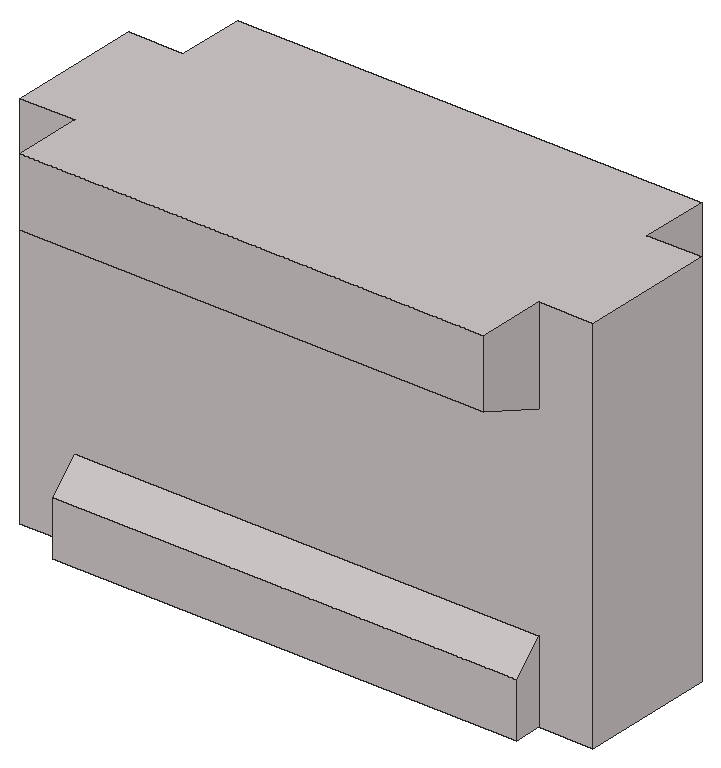
Revit family "66b3de7a79414cddb3e46e91ae545662", category Structural Framing, Revit 2021
Family settings
  Display in Hidden Views = Edges Hidden by Other Members
  Structural Framing Length Roundoff = 0' - 0"
  Section Shape = Not Defined
  Material for Model Behavior = Precast Concrete
  Always export as geometry = No
  OmniClass Number = 23.25.30.11.14.14
  OmniClass Title = Beams
  Seek Item ID = Precast-Girder I-Parallel-Constant Cross Section-0000-USA-ENU
  Always vertical = Yes
  Cut with Voids When Loaded = No
  Symbolic Representation = From Family
  Shared = No
  Show family pre-cut in plan views = Yes
Parameters (values of type "28"x10"")
  Tie Rod Weight [instance] = 30
  Tie Rod W [instance] = (Tie Rod Weight) * 2.20313 kip / 1000  # 0.0660938 kip
  Structural Material [instance] = Concrete, Precast
  Single Rebar Weight [instance] = 50
  Single Rebar W [instance] = (Single Rebar Weight * 2.20313 kip) / 1000  # 0.110156 kip
  Rebar Grids Weight [instance] = 100
  Rebar Grids W [instance] = (Rebar Grids Weight * 2.20313 kip) / 1000  # 0.220313 kip
  Length 1 = 0' - 4"
  D6 = 0' - 2"
  D5 = 0' - 4"
  D4 = 0' - 2"
  D3 = 0' - 5"
  B3 = 1' - 2"
  B1 = 0' - 10"
  Assembly Code = "B10"
  Length [instance] = 5' - 0"
  B2 = 1' - 8"
  D1 = 2' - 4"
Types (3): name | Length 1 | D6 | B3 | B1 | D1
  (no name) | 0' - 4" | 0' - 2" | 1' - 2" | 0' - 10" | 2' - 4"
  28"x10" | 0' - 4" | 0' - 2" | 1' - 2" | 0' - 10" | 2' - 4"
  36"x8" | 0' - 6" | 0' - 1 1/4" | 1' - 0" | 0' - 8" | 3' - 0"
Reference planes (in)
  plane 1 "Center (Front/Back)": y = 0
  plane 2: z = 0
  plane 3 "Center (Left/Right)": x = 0.1815
  plane 4 "Member Left": x = -21.8185
  plane 5 "Member Right": x = 20.33898
  plane 6: y = 10
  plane 7: y = -10
  plane 8 "D1": z = 14
  plane 9 "Bottom": z = -14
  plane 10 "Left": x = -29.8185
  plane 11 "Right": x = 30.1815
  plane 12: y = 5
  plane 13: y = -5
  plane 14: x = -17.8185
  plane 15: x = 16.33898
  plane 16: x = -0.73976
  plane 17: z = 9
  plane 18 "D2": z = 14
  plane 19 "D7": z = 14
  plane 20: z = 9
  plane 21: z = 7
  plane 22: z = 7
  plane 23: z = -10
  plane 24: z = -8
  plane 25: y = 7
  plane 26: y = -7
Forms (in)
  Blend 1, solid, material "Concrete, Precast" <- "Structural Material"
    base sketch origin (0.1815, 0, 0) x (0, 1, 0) y (0, 0, 1)
      loop
        line (10, 14) -> (-10, 14) -> (-10, 9) -> (-5, 7) -> (-5, -14) -> (5, -14) -> (5, 7) -> (10, 9) -> (10, 14)
    top sketch origin (0.1815, 0, 0) x (0, 1, 0) y (0, 0, 1)
      loop
        line (10, 14) -> (-10, 14) -> (-10, 9) -> (-5, 7) -> (-5, -14) -> (5, -14) -> (5, 7) -> (10, 9) -> (10, 14)
    from -0.92126 to 16.15748
  Blend 2, solid, material "Concrete, Precast" <- "Structural Material"
    base sketch origin (16.90985, 0, 0) x (0, 1, 0) y (0, 0, -1)
      loop
        line (10, -14) -> (10, -9) -> (5, -7) -> (5, 14) -> (-5, 14) -> (-5, -7) -> (-10, -9) -> (-10, -14) -> (10, -14)
    top sketch origin (16.90985, 0, 0) x (0, 1, 0) y (0, 0, -1)
      loop
        line (10, -14) -> (10, -9) -> (5, -7) -> (5, 14) -> (-5, 14) -> (-5, -7) -> (-10, -9) -> (-10, -14) -> (10, -14)
    from 17.64961 to 34.72835
  Blend 3, solid, material "Concrete, Precast" <- "Structural Material"
    base sketch origin (0.1815, 0, 0) x (0, 1, 0) y (0, 0, 1)
      loop
        line (5, 14) -> (-5, 14) -> (-5, -14) -> (5, -14) -> (5, 14)
    top sketch origin (0.1815, 0, 0) x (0, 1, 0) y (0, 0, 1)
      loop
        line (5, -14) -> (5, 14) -> (-5, 14) -> (-5, -14) -> (5, -14)
    from 16.15748 to 20.15748
  Blend 4, solid, material "Concrete, Precast" <- "Structural Material"
    base sketch origin (16.90985, 0, 0) x (0, 1, 0) y (0, 0, -1)
      loop
        line (5, -14) -> (5, 14) -> (-5, 14) -> (-5, -14) -> (5, -14)
    top sketch origin (16.90985, 0, 0) x (0, 1, 0) y (0, 0, -1)
      loop
        line (5, 14) -> (-5, 14) -> (-5, -14) -> (5, -14) -> (5, 14)
    from 34.72835 to 38.72835
  Extrusion 5, solid, material "Concrete, Precast" <- "Structural Material"
    sketch origin (0.1815, 0, 0) x (0, 1, 0) y (0, 0, 1)
      loop
        line (7, -10) -> (5, -8) -> (-5, -8) -> (-7, -10) -> (-7, -14) -> (7, -14) -> (7, -10)
    from -18 to 16.15748
Cuts and joins
  joined: Blend 1, Blend 2, Blend 3, Blend 4, Extrusion 5
Dimensions and locks (in)
  "B2": plane 6 to plane 7
  equal spacing: plane 9 "Bottom", plane 2, plane 8 "D1"
  equal spacing: plane 6, plane 1 "Center (Front/Back)", plane 7
  "D1": plane 9 "Bottom" to plane 8 "D1"
  "Length": plane 10 "Left" to plane 11 "Right"
  "B1": plane 12 to plane 13
  equal spacing: plane 12, plane 1 "Center (Front/Back)", plane 13
  "D3": plane 8 "D1" to plane 17
  "D3": plane 20 to plane 19 "D7"
  level to Blend 2 sketch curve = 1' - 2"
  equal spacing: plane 14, plane 16, plane 15
  "D4": plane 17 to plane 21
  "D4": plane 20 to plane 22
  "D5": plane 23 to plane 9 "Bottom"
  "D6": plane 24 to plane 23
  equal spacing: plane 25, plane 1 "Center (Front/Back)", plane 26
  "B3": plane 25 to plane 26
  "Length 1": plane 4 "Member Left" to plane 14
  "Length 1": plane 15 to plane 5 "Member Right"
  aligned and locked: plane 8 "D1" to Blend 1 sketch curve
  aligned and locked: plane 7 to Blend 1 sketch curve  (x2)
  aligned and locked: Blend 1 sketch curve to plane 6  (x2)
  aligned and locked: plane 17 to Blend 1 sketch curve
  aligned and locked: Blend 1 to plane 16
  aligned and locked: plane 7 to Blend 2 sketch curve  (x2)
  aligned and locked: plane 8 "D1" to Blend 2 sketch curve
  aligned and locked: Blend 2 sketch curve to plane 6  (x2)
  aligned and locked: plane 16 to Blend 2
  aligned and locked: Blend 3 sketch curve to var sketch
  aligned and locked: Blend 3 sketch curve to plane 13
  aligned and locked: plane 12 to Blend 3 sketch curve
  aligned and locked: Blend 3 sketch curve to plane 12
  aligned and locked: plane 13 to Blend 3 sketch curve
  aligned and locked: Blend 4 sketch curve to plane 13
  aligned and locked: Blend 4 sketch curve to plane 12
  aligned and locked: plane 13 to Blend 4 sketch curve
  aligned and locked: plane 9 "Bottom" to Blend 4 sketch curve
  aligned and locked: Blend 4 sketch curve to plane 9 "Bottom"
  aligned and locked: plane 12 to Blend 4 sketch curve
  aligned and locked: plane 9 "Bottom" to Blend 3 sketch curve
  aligned and locked: Blend 2 to plane 14
  aligned and locked: plane 18 "D2" to Blend 4 sketch curve
  aligned and locked: plane 18 "D2" to Blend 3 sketch curve
  aligned and locked: plane 19 "D7" to Blend 1 sketch curve
  aligned and locked: Blend 1 to plane 15
  aligned and locked: plane 19 "D7" to Blend 4 sketch curve
  aligned and locked: plane 14 to Blend 4
  aligned and locked: Blend 2 sketch curve to cut or joined group of Blend 1, Blend 2, Blend 3, Blend 4, Extrusion 5
  aligned and locked: Blend 2 sketch curve to plane 9 "Bottom"
  aligned and locked: plane 12 to Blend 2 sketch curve
  aligned and locked: plane 21 to Blend 2 sketch curve  (x2)
  aligned and locked: Blend 2 sketch curve to var sketch
  aligned and locked: Blend 3 sketch curve to plane 19 "D7"
  aligned and locked: plane 15 to Blend 3
  aligned and locked: Blend 1 sketch curve to cut or joined group of Blend 1, Blend 2, Blend 3, Blend 4, Extrusion 5
  aligned and locked: cut or joined group of Blend 1, Blend 2, Blend 3, Blend 4, Extrusion 5 to Blend 1 sketch curve
  aligned and locked: Blend 1 sketch curve to var sketch
  aligned and locked: var sketch to Blend 1 sketch curve
  aligned and locked: plane 23 to Extrusion 5 sketch curve
  aligned and locked: plane 25 to Extrusion 5 sketch curve
  aligned and locked: Extrusion 5 sketch curve to plane 9 "Bottom"
  aligned and locked: plane 26 to Extrusion 5 sketch curve
  aligned and locked: Extrusion 5 sketch curve to plane 24
  aligned and locked: Extrusion 5 to plane 15
  aligned and locked: Extrusion 5 to plane 14
  aligned and locked: plane 8 "D1" to plane 19 "D7"
  aligned and locked: plane 18 "D2" to plane 8 "D1"
  aligned and locked: plane 2 to level
  aligned and locked: plane 4 "Member Left" to Blend 4
  aligned and locked: Blend 3 to plane 5 "Member Right"
Automatic sketch dimensions
  Blend 2 sketch curve to plane 17 = 0' - 0"  (x2)
  Blend 2 sketch curve to plane 12 = 0' - 0"
  Blend 2 sketch curve to plane 19 "D7" = 0' - 0"
  Blend 2 sketch curve to plane 20 = 0' - 0"  (x2)
  Blend 2 sketch curve to plane 13 = 0' - 0"
  Blend 2 sketch curve to plane 22 = 0' - 0"  (x2)
  Blend 1 sketch curve to plane 17 = 0' - 0"
  Blend 1 sketch curve to plane 12 = 0' - 0"  (x2)
  Blend 1 sketch curve to plane 21 = 0' - 0"  (x2)
  Blend 1 sketch curve to plane 20 = 0' - 0"  (x2)
  Blend 1 sketch curve to plane 22 = 0' - 0"  (x2)
  Extrusion 5 sketch curve to plane 13 = 0' - 0"
  Extrusion 5 sketch curve to plane 12 = 0' - 0"
  Extrusion 5 sketch curve to plane 23 = 0' - 0"
